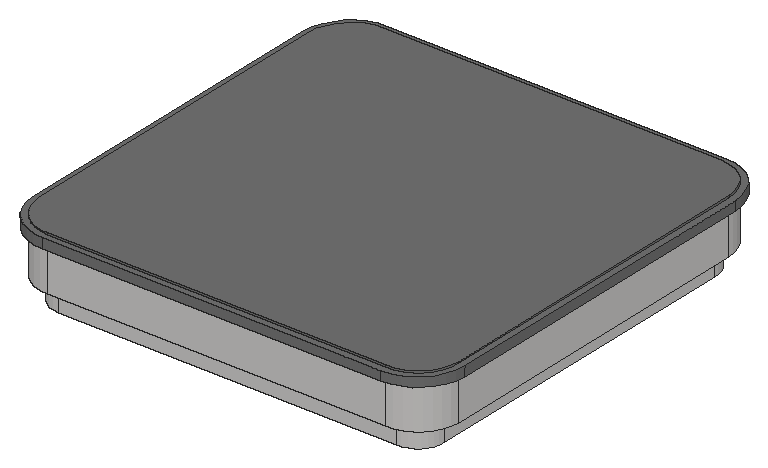
Revit family "QF_Vollrath_5950280", category Specialty Equipment, Revit 2016
Family settings
  Part Type = Normal
  Round Connector Dimension = Use Diameter
  OmniClass Number = 23.40.40.00
  OmniClass Title = Food Service Equipment and Furnishings
  Work Plane-Based = Yes
  Always vertical = Yes
  Cut with Voids When Loaded = No
  Shared = No
  Room Calculation Point = No
Parameters (values of type "120/60/1")
  Width = 16.06"
  Weight in Pounds = 0
  Watts = 300 W
  Watermarked By = "http://revitwatermark.com"
  Volts = 120 V
  URL Cutsheet = ""
  Status [instance] = ""
  Specification by User [instance] = ""
  Specification by Manufacturer [instance] = ""
  Serial Number [instance] = ""
  Revision Code [instance] = ""
  Phase = 1
  Number of Poles [instance] = 1
  NAFEM Spec ID Number [instance] = ""
  Model = "5950280"  # constant formula
  Masterspec [instance] = ""
  Manufacturer = "Vollrath"
  Item Number [instance] = "-"
  Installed By [instance] = ""
  Furnished By [instance] = ""
  Foodservice Equipment Identifier = yes
  FL Amps = 2.6 A
  Electrical Remarks [instance] = ""
  Electric Connection Type [instance] = ""
  Elec Conn RI Height [instance] = 0.00"
  Elec Conn Connection Height = 2.00"
  Description = "Countertop Induction Range"
  Depth = 16.06"
  Default Elevation = 0.00"
  Cycle = 60 Hz
  Conn Plug = "NEMA 5-15P"
  CSI MasterFormat = ""
  Apparent Power = if(Phase = 3, Volts * FL Amps * 1.73, Volts * FL Amps)  # 312 VA
Types (3): name | Cycle
  (no name) | 60 Hz
  120/50/1 | 50 Hz
  120/60/1 | 60 Hz
Reference planes (in)
  plane 1 "BACK": y = 0
  plane 2: z = 0
  plane 3 "LEFT": x = 0
  plane 4 "RIGHT": x = 16.06
  plane 5 "FRONT": y = -16.06
  plane 6 "Bottom 1": z = 0.84
  plane 7: z = 2.46
  plane 8 "Bottom of Induction": z = 0
  plane 9 "TOP": z = 2.81
  plane 10 "Back 1": y = -0.25
  plane 11 "Left 1": x = 0.25
  plane 12: x = 15.81
  plane 13: y = -15.81
  plane 14: y = -0.75
  plane 15: x = 0.75
  plane 16: y = -15.31
  plane 17: x = 15.31
  plane 18 "Top of Induction": z = 2.8725
Forms (in)
  Extrusion 1, solid, material "QF_Finishes_Dark Grey"
    sketch origin (0, 0, 2.81) x (0, 1, 0) y (-1, 0, 0)
      loop
        arc (0, -1.75) -> (-0.51256, -0.51256) -> (-1.75, 0) r 1.75
        line (-1.75, 0) -> (-14.31, 0)
        arc (-14.31, 0) -> (-15.54744, -0.51256) -> (-16.06, -1.75) r 1.75
        line (-16.06, -1.75) -> (-16.06, -14.31)
        arc (-16.06, -14.31) -> (-15.54744, -15.54744) -> (-14.31, -16.06) r 1.75
        line (-14.31, -16.06) -> (-1.75, -16.06)
        arc (-1.75, -16.06) -> (-0.51256, -15.54744) -> (0, -14.31) r 1.75
        line (0, -14.31) -> (0, -1.75)
    from 0 to -0.35
  Extrusion 2, solid, material "QF_Finishes_Stainless Steel"
    sketch origin (0, 0, 0.84) x (0, 1, 0) y (-1, 0, 0)
      loop
        arc (-0.25, -1.75) -> (-0.68934, -0.68934) -> (-1.75, -0.25) r 1.5
        line (-1.75, -0.25) -> (-14.31, -0.25)
        arc (-14.31, -0.25) -> (-15.37066, -0.68934) -> (-15.81, -1.75) r 1.5
        line (-15.81, -1.75) -> (-15.81, -14.31)
        arc (-15.81, -14.31) -> (-15.37066, -15.37066) -> (-14.31, -15.81) r 1.5
        line (-14.31, -15.81) -> (-1.75, -15.81)
        arc (-1.75, -15.81) -> (-0.68934, -15.37066) -> (-0.25, -14.31) r 1.5
        line (-0.25, -14.31) -> (-0.25, -1.75)
    from 0 to 1.62
  Extrusion 3, solid, material "QF_Finishes_Stainless Steel"
    sketch origin (0, 0, 0) x (0, 1, 0) y (-1, 0, 0)
      loop
        arc (-0.75, -1.75) -> (-1.04289, -1.04289) -> (-1.75, -0.75) r 1
        line (-1.75, -0.75) -> (-14.31, -0.75)
        arc (-14.31, -0.75) -> (-15.01711, -1.04289) -> (-15.31, -1.75) r 1
        line (-15.31, -1.75) -> (-15.31, -14.31)
        arc (-15.31, -14.31) -> (-15.01711, -15.01711) -> (-14.31, -15.31) r 1
        line (-14.31, -15.31) -> (-1.75, -15.31)
        arc (-1.75, -15.31) -> (-1.04289, -15.01711) -> (-0.75, -14.31) r 1
        line (-0.75, -14.31) -> (-0.75, -1.75)
    from 0 to 0.84
  Extrusion 4, solid, material "QF_Finishes_Dark Grey"
    sketch origin (0, 0, 2.8725) x (0, 1, 0) y (-1, 0, 0)
      loop
        arc (-0.25, -1.75) -> (-0.68934, -0.68934) -> (-1.75, -0.25) r 1.5
        line (-1.75, -0.25) -> (-14.31, -0.25)
        arc (-14.31, -0.25) -> (-15.37066, -0.68934) -> (-15.81, -1.75) r 1.5
        line (-15.81, -1.75) -> (-15.81, -14.31)
        arc (-15.81, -14.31) -> (-15.37066, -15.37066) -> (-14.31, -15.81) r 1.5
        line (-14.31, -15.81) -> (-1.75, -15.81)
        arc (-1.75, -15.81) -> (-0.68934, -15.37066) -> (-0.25, -14.31) r 1.5
        line (-0.25, -14.31) -> (-0.25, -1.75)
    from 0 to -0.0625
Lines and regions (in)
  symbolic lines
    curve 1: arc (1.75, 0, 2.8725) -> (0.51256, -0.51256, 2.8725) -> (0, -1.75, 2.8725) r 1.75
    curve 2: line (14.31, 0, 2.8725) -> (1.75, 0, 2.8725)
    curve 3: line (0, -1.75, 2.8725) -> (0, -14.31, 2.8725)
    curve 4: arc (0, -14.31, 2.8725) -> (0.51256, -15.54744, 2.8725) -> (1.75, -16.06, 2.8725) r 1.75
    curve 5: line (1.75, -16.06, 2.8725) -> (14.31, -16.06, 2.8725)
    curve 6: arc (14.31, -16.06, 2.8725) -> (15.54744, -15.54744, 2.8725) -> (16.06, -14.31, 2.8725) r 1.75
    curve 7: line (16.06, -14.31, 2.8725) -> (16.06, -1.75, 2.8725)
    curve 8: arc (16.06, -1.75, 2.8725) -> (15.54744, -0.51256, 2.8725) -> (14.31, 0, 2.8725) r 1.75
Dimensions and locks (in)
  "Width": plane 3 "LEFT" to plane 4 "RIGHT"
  "Depth": plane 5 "FRONT" to plane 1 "BACK"
  locked: plane 7 to plane 6 "Bottom 1" at 1.62
  locked: plane 6 "Bottom 1" to plane 8 "Bottom of Induction" at 0.84
  locked: plane 9 "TOP" to plane 7 at 0.35
  locked: plane 3 "LEFT" to plane 11 "Left 1" at 0.25
  locked: plane 12 to plane 4 "RIGHT" at 0.25
  locked: plane 10 "Back 1" to plane 1 "BACK" at 0.25
  locked: plane 5 "FRONT" to plane 13 at 0.25
  locked: plane 11 "Left 1" to plane 15 at 0.5
  locked: plane 17 to plane 12 at 0.5
  locked: plane 14 to plane 10 "Back 1" at 0.5
  locked: plane 13 to plane 16 at 0.5
  locked: plane 18 "Top of Induction" to plane 9 "TOP" at 0.0625
  aligned and locked: level to plane 2
  aligned and locked: plane 1 "BACK" to Extrusion 1 sketch curve
  aligned and locked: plane 3 "LEFT" to Extrusion 1 sketch curve
  aligned and locked: Extrusion 1 sketch curve to plane 5 "FRONT"
  aligned and locked: Extrusion 1 sketch curve to plane 4 "RIGHT"
  aligned and locked: Extrusion 1 to plane 7
  aligned and locked: plane 7 to Extrusion 2
  aligned and locked: plane 6 "Bottom 1" to Extrusion 3
  aligned and locked: Extrusion 4 to plane 9 "TOP"
Automatic sketch dimensions
  Extrusion 1 sketch curve to plane 13 = 1.50"  (x2)
  plane 10 "Back 1" to Extrusion 1 sketch curve = 1.50"  (x2)
  plane 13 to Extrusion 2 sketch curve = 0.00"
  Extrusion 2 sketch curve to Extrusion 2 sketch curve = 1.50"
  Extrusion 2 sketch curve to plane 11 "Left 1" = 0.00"
  Extrusion 2 sketch curve to plane 12 = 0.00"
  Extrusion 2 sketch curve to plane 12 = 1.50"
  plane 10 "Back 1" to Extrusion 2 sketch curve = 0.00"
  plane 10 "Back 1" to Extrusion 2 sketch curve = 1.50"  (x2)
  plane 10 "Back 1" to Extrusion 3 sketch curve = 0.50"
  Extrusion 3 sketch curve to plane 15 = 0.00"
  Extrusion 3 sketch curve to plane 16 = 1.00"
  plane 16 to Extrusion 3 sketch curve = 0.00"
  Extrusion 3 sketch curve to plane 17 = 0.00"
  Extrusion 3 sketch curve to Extrusion 3 sketch curve = 1.00"
  plane 14 to Extrusion 3 sketch curve = 1.00"  (x2)
  Extrusion 4 sketch curve to plane 11 "Left 1" = 0.00"
  plane 10 "Back 1" to Extrusion 4 sketch curve = 0.00"
  plane 14 to Extrusion 4 sketch curve = 1.00"
  Extrusion 4 sketch curve to plane 17 = 1.00"
  Extrusion 4 sketch curve to plane 12 = 0.00"
  Extrusion 4 sketch curve to plane 16 = 1.00"
  plane 13 to Extrusion 4 sketch curve = 0.00"
  plane 15 to Extrusion 4 sketch curve = 1.00"
  curve 1 to plane 3 "LEFT" = 0.00"
  plane 1 "BACK" to curve 2 = 0.00"
  plane 14 to curve 1 = 1.00"
  curve 3 to plane 16 = 1.00"
  plane 5 "FRONT" to curve 4 = 0.00"
  curve 5 to plane 17 = 1.00"
  curve 6 to plane 4 "RIGHT" = 0.00"
  plane 14 to curve 7 = 1.00"
